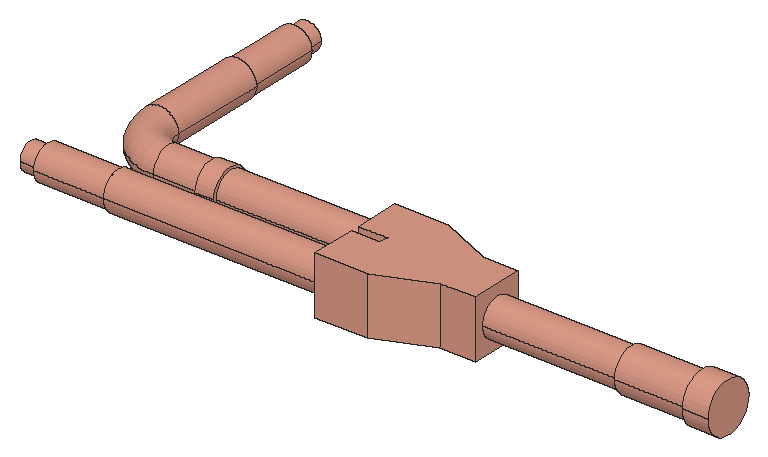
Revit family "outputfile", category 配管付属品, Revit 2024
Family settings
  丸型コネクタ寸法 = 半径を使用
  パーツ タイプ = 標準
  OmniClass 番号 = 23.65.55.00
  OmniClass タイトル = Distribution of Supplied Liquids/Gases
  作業面ベース = いいえ
  常に垂直 = はい
  ロード時にボイドで切り取り = いいえ
  共有 = いいえ
Parameters (values of type "BHFP26P136_(2)")
  Description = ""
  製造元 = "Daikin"
  書き出し IFC クラス(タイプ) = "IfcPipeFittingType"
  Default Elevation = 0.0 mm
  定義済み IFC タイプ(タイプ) = "JUNCTION"
  Cost = 0
  モデル = "BHFP26P136_(2)"
  Type Comments = ""
  Keynote = ""
  Type Image = (empty or 0)
  Assembly Code = ""
  table_PipeToCU_B [instance] = if(mm⇔inch, "Multi Module Kit_BHFP26P-_Liquid_PipeToCU_B", "Multi Module Kit_BHFP26P-_Liquid_PipeToCU_B_inch")  # "Multi Module Kit_BHFP26P-_Liquid_PipeToCU_B"
  table_PipeToCU_A [instance] = if(mm⇔inch, "Multi Module Kit_BHFP26P-_Liquid_PipeToCU_A", "Multi Module Kit_BHFP26P-_Liquid_PipeToCU_A_inch")  # "Multi Module Kit_BHFP26P-_Liquid_PipeToCU_A"
  table_ToMainPipe [instance] = if(mm⇔inch, "Multi Module Kit_BHFP26P-_Liquid_ToMainPipe", "Multi Module Kit_BHFP26P-_Liquid_ToMainPipe_inch")  # "Multi Module Kit_BHFP26P-_Liquid_ToMainPipe"
  switch_ToMainPipe3 [instance] = if(number_ToMainPipe < 3, 1 = 0, 1 = 1)  # no
  switch_PipeToCU_B Reducer [instance] = if(and(Is_PipeToCU_B Reducer = 1, judge_IsOffsetPipe_ToOutdoorUnitB = 0), 1 = 1, 1 = 0)  # no
  switch_PipeToCU_B4 [instance] = if(number_PipeToCU_B < 4, 1 = 0, 1 = 1)  # no
  switch_PipeToCU_B3 [instance] = if(number_PipeToCU_B < 3, 1 = 0, 1 = 1)  # no
  switch_PipeToCU_B2 [instance] = if(number_PipeToCU_B < 2, 1 = 0, 1 = 1)  # yes
  switch_PipeToCU_A Reducer [instance] = if(Is_PipeToCU_A Reducer = 1, 1 = 1, 1 = 0)  # yes
  switch_ToMainPipe Reducer [instance] = if(Is_ToMainPipe Reducer = 1, 1 = 1, 1 = 0)  # no
  switch_ToMainPipe2 [instance] = if(number_ToMainPipe < 2, 1 = 0, 1 = 1)  # yes
  r_PipeToCU_B_ActualDiameter [instance] = PipeToCU_B_Liquid_ActualDiameter / 2  # 4.75 mm
  r_PipeToCU_A_ActualDiameter [instance] = PipeToCU_A_Liquid_ActualDiameter / 2  # 4.75 mm
  r_ToMainPipe_ActualDiameter [instance] = ToMainPipe_Liquid_ActualDiameter / 2  # 9.55 mm
  number_PipeToCU_B ReducerPipe [instance] = size_lookup(table_PipeToCU_B, "reducerPipeNumber", 0, モデル, judge_IsOffsetPipe_ToOutdoorUnitB, PipeToCU_B_Liquid_ActualDiameter)  # 0
  number_PipeToCU_B [instance] = size_lookup(table_PipeToCU_B, "pipeNumber", 2, モデル, judge_IsOffsetPipe_ToOutdoorUnitB, PipeToCU_B_Liquid_ActualDiameter)  # 2
  number_PipeToCU_A ReducerPipe [instance] = size_lookup(table_PipeToCU_A, "reducerPipeNumber", 3, モデル, PipeToCU_A_Liquid_ActualDiameter)  # 3
  number_ToMainPipe [instance] = size_lookup(table_ToMainPipe, "pipeNumber", 3, モデル, ToMainPipe_Liquid_ActualDiameter)  # 2
  mm⇔inch [instance] = yes
  l_ToMainPipe3 [instance] = size_lookup(table_ToMainPipe, "L_Pipe3", 11.0 mm, モデル)  # 2.0 mm
  judge_IsOffsetPipe_ToOutdoorUnitB [instance] = 0  # constant formula
  Unit Type = "BHFP26P-_Liquid"
  Uniclass2015Version = "Products v1.31"
  Uniclass2015Title = "Copper pipe fittings"
  Uniclass2015Code = "Pr_65_52_63_18"
  URL = ""
  ToMainPipe_Liquid_Status [instance] = size_lookup(table_ToMainPipe, "Information", "The connected pipe size is not available.", モデル, ToMainPipe_Liquid_ActualDiameter)  # "Default connector size is used."
  ToMainPipe_Liquid_ActualDiameter [instance] = 19.1 mm
  Tag No. [instance] = ""
  Series = "Multi Module kit"
  RotateBranchPipetoCU_A_50° [instance] = no
  PipeToCU_B_Liquid_Status [instance] = size_lookup(table_PipeToCU_B, "Information", "The connected pipe size is not available.", モデル, judge_IsOffsetPipe_ToOutdoorUnitB, PipeToCU_B_Liquid_ActualDiameter)  # "Default connector size is used."
  PipeToCU_B_Liquid_ActualDiameter [instance] = 9.5 mm
  PipeToCU_A_Liquid_Status [instance] = size_lookup(table_PipeToCU_A, "Information", "The connected pipe size is not available.", モデル, PipeToCU_A_Liquid_ActualDiameter)  # "Reducer is used at connector."
  PipeToCU_A_Liquid_ActualDiameter [instance] = 9.5 mm
  Material_Piping = DAIKIN_Copper_Pipe
  Material_Insulation = DAIKIN_White_Insulation
  location_PipeToCU_A connector [instance] = size_lookup(table_PipeToCU_A, "Locationconnector", 107.0 mm, モデル, PipeToCU_A_Liquid_ActualDiameter)  # 107.0 mm
  l_PipeToCU_B connector [instance] = size_lookup(table_PipeToCU_B, "Length", 128.0 mm, モデル, judge_IsOffsetPipe_ToOutdoorUnitB, PipeToCU_B_Liquid_ActualDiameter)  # 128.0 mm
  l_PipeToCU_B Reducer [instance] = 100.0 mm  # constant formula
  l_PipeToCU_B4 [instance] = size_lookup(table_PipeToCU_B, "L_Pipe4", 2.0 mm, モデル)  # 2.0 mm
  l_PipeToCU_B3 [instance] = size_lookup(table_PipeToCU_B, "L_Pipe3", 2.0 mm, モデル)  # 2.0 mm
  l_PipeToCU_B2 [instance] = size_lookup(table_PipeToCU_B, "L_Pipe2", 7.0 mm, モデル)  # 7.0 mm
  l_PipeToCU_B1 [instance] = size_lookup(table_PipeToCU_B, "L_Pipe1", 30.0 mm, モデル)  # 30.0 mm
  l_PipeToCU_B0 [instance] = size_lookup(table_PipeToCU_B, "L_Pipe0", 91.0 mm, モデル)  # 91.0 mm
  l_PipeToCU_A connector [instance] = size_lookup(table_PipeToCU_A, "Length", 97.0 mm, モデル, PipeToCU_A_Liquid_ActualDiameter)  # 97.0 mm
  l_PipeToCU_A1 [instance] = size_lookup(table_PipeToCU_A, "L_Pipe1", 8.0 mm, モデル)  # 8.0 mm
  l_PipeToCU_A0 [instance] = size_lookup(table_PipeToCU_A, "L_Pipe0", 62.0 mm, モデル)  # 62.0 mm
  l_ToMainPipe connector [instance] = size_lookup(table_ToMainPipe, "Length", 128.0 mm, モデル, ToMainPipe_Liquid_ActualDiameter)  # 98.0 mm
  l_ToMainPipe Reducer [instance] = size_lookup(table_ToMainPipe, "L_Reducer", 2.0 mm, モデル, ToMainPipe_Liquid_ActualDiameter)  # 2.0 mm
  l_ToMainPipe2 [instance] = size_lookup(table_ToMainPipe, "L_Pipe2", 30.0 mm, モデル)  # 11.0 mm
  l_ToMainPipe1 [instance] = size_lookup(table_ToMainPipe, "L_Pipe1", 30.0 mm, モデル)  # 30.0 mm
  l_ToMainPipe0 [instance] = size_lookup(table_ToMainPipe, "L_Pipe0", 57.0 mm, モデル)  # 57.0 mm
  judge_JointType(1or2) = 2
  count_PipeToCU_B Reducer [instance] = 0  # constant formula
  count_PipeToCU_A Reducer [instance] = size_lookup(table_PipeToCU_A, "reducerCount", 1, モデル, PipeToCU_A_Liquid_ActualDiameter)  # 1
  angle_PipeToCU_A Pipe [instance] = if(RotateBranchPipetoCU_A_90°, 90.00°, if(RotateBranchPipetoCU_A_50°, 50.00°, 0.00°))  # 0.00°
  angle_PipeToCU_A Connector [instance] = angle_PipeToCU_A Pipe + 90.00°  # 90.00°
  PipeToCU_B_Liquid_AvailableDiameter [instance] = size_lookup(table_PipeToCU_B, "sizeVariation", "", モデル, judge_IsOffsetPipe_ToOutdoorUnitB)  # "9.5/12.7mm"
  PipeToCU_A_Liquid_AvailableDiameter [instance] = size_lookup(table_PipeToCU_A, "sizeVariation", "", モデル)  # "9.5/12.7/15.9mm"
  ToMainPipe_Liquid_AvailableDiameter [instance] = size_lookup(table_ToMainPipe, "sizeVariation", "", モデル)  # "15.9/19.1mm"
  RotateBranchPipetoCU_A_90° [instance] = no
  O.D_ToMainPipe Reducer [instance] = size_lookup(table_ToMainPipe, "O.D_reducer", 2.0 mm, モデル, ToMainPipe_Liquid_ActualDiameter)  # 2.0 mm
  Link_Nested Family [instance] = ""
  Is_PipeToCU_B Reducer [instance] = size_lookup(table_PipeToCU_B, "IsReducer", 0, モデル, judge_IsOffsetPipe_ToOutdoorUnitB, PipeToCU_B_Liquid_ActualDiameter)  # 0
  Is_PipeToCU_A Reducer [instance] = size_lookup(table_PipeToCU_A, "IsReducer", 1, モデル, PipeToCU_A_Liquid_ActualDiameter)  # 1
  Is_ToMainPipe Reducer [instance] = size_lookup(table_ToMainPipe, "IsReducer", 0, モデル, ToMainPipe_Liquid_ActualDiameter)  # 0
  IfcVersion = ""
  IfcExportType = "JUNCTION"
  IfcExportAs = "IfcPipeFittingType"
  I.D_ToMainPipe3 [instance] = size_lookup(table_ToMainPipe, "I.D_PipeSize3", 22.2 mm, モデル)  # 2.0 mm
  Attach_Insulation [instance] = no
  I.D_PipeToCU_B4 [instance] = size_lookup(table_PipeToCU_B, "I.D_PipeSize4", 2.0 mm, モデル)  # 2.0 mm
  I.D_PipeToCU_B3 [instance] = size_lookup(table_PipeToCU_B, "I.D_PipeSize3", 2.0 mm, モデル)  # 2.0 mm
  I.D_PipeToCU_B2 [instance] = size_lookup(table_PipeToCU_B, "I.D_PipeSize2", 9.5 mm, モデル)  # 9.5 mm
  I.D_PipeToCU_B1 [instance] = size_lookup(table_PipeToCU_B, "I.D_PipeSize1", 12.7 mm, モデル)  # 12.7 mm
  I.D_PipeToCU_B0 [instance] = size_lookup(table_PipeToCU_B, "I.D_PipeSize0", 13.9 mm, モデル)  # 13.9 mm
  I.D_PipeToCU_A1 [instance] = 15.5 mm  # constant formula
  I.D_PipeToCU_A0 [instance] = 13.9 mm  # constant formula
  I.D_ToMainPipe Reducer [instance] = size_lookup(table_ToMainPipe, "I.D_reducer", 2.0 mm, モデル, ToMainPipe_Liquid_ActualDiameter)  # 2.0 mm
  I.D_ToMainPipe2 [instance] = size_lookup(table_ToMainPipe, "I.D_PipeSize2", 19.1 mm, モデル)  # 19.1 mm
  I.D_ToMainPipe1 [instance] = size_lookup(table_ToMainPipe, "I.D_PipeSize1", 15.9 mm, モデル)  # 15.9 mm
  I.D_ToMainPipe0 [instance] = size_lookup(table_ToMainPipe, "I.D_PipeSize0", 13.9 mm, モデル)  # 13.9 mm
Reference planes
  plane 1 "Center (Front/Back)": y = 0
  plane 2: z = 0
  plane 3 "pipe2": x = 225.65
  plane 4: x = 214.65
  plane 5: x = 184.65
  plane 6: x = 127.65
  plane 7: x = 67.65
  plane 8: x = -2.35
  plane 9: x = -23.35
  plane 10: x = -53.35
  plane 11: x = -60.35
  plane 12: x = -62.35
  plane 13: x = -64.35
  plane 14 "offset_center": y = 11.5
  plane 15: y = -11.5
  plane 16: x = 5.65
  plane 17: x = 177.65
  plane 18 "ToMainPipe_connector": x = 225.65
  plane 19 "connector_OutdoorunitA": x = -39.35
  plane 20 "connector_ToOutdoorUnitB": x = -104.35
  plane 21 "pipe3": x = 227.65
Forms (mm)
  Extrusion 1, solid, material "DAIKIN_Copper_Pipe" <- "Material_Piping"
    sketch origin (0, 0, 0) x (1, 0, 0) y (0, 1, 0)
      loop
        line (67.65, 1.998) -> (79.65, 1.998) -> (79.65, -1.998) -> (67.65, -1.998) -> (67.65, -21.2) -> (89.801, -21.2) -> (112.65, -11.3) -> (127.65, -11.3) -> (127.65, 11.3) -> (112.65, 11.3) -> (89.801, 21.2) -> (67.65, 21.2) -> (67.65, 1.998)
    from -12.2 to 12.2
Dimensions and locks
  locked: plane 6 to plane 17 at 50
  "l_PipeToCU_A1": plane 8 to plane 16
  "l_PipeToCU_B1": plane 10 to plane 9
  "l_PipeToCU_B2": plane 11 to plane 10
  "l_PipeToCU_B3": plane 12 to plane 11
  "l_PipeToCU_B4": plane 13 to plane 12
  locked: plane 7 to plane 6 at 60
  "l_ToMainPipe1": plane 5 to plane 4
  "l_ToMainPipe2": plane 4 to plane 3 "pipe2"
  "l_ToMainPipe0": plane 6 to plane 5
  "l_ToMainPipe connector": plane 6 to plane 18 "ToMainPipe_connector"
  plane 14 "offset_center" to plane 1 "Center (Front/Back)" to plane 15 = 11.5 mm locked, 11.5 mm locked
  locked: plane 1 "Center (Front/Back)" to Extrusion 1 sketch curve at 11.3  (x2)
  locked: Extrusion 1 sketch curve to plane 1 "Center (Front/Back)" at 21.2
  locked: plane 1 "Center (Front/Back)" to Extrusion 1 sketch curve at 21.2
  "l_PipeToCU_A0": plane 16 to plane 7
  "location_PipeToCU_A connector": plane 19 "connector_OutdoorunitA" to plane 7
  "l_PipeToCU_B0": plane 9 to plane 7
  "l_ToMainPipe3": plane 3 "pipe2" to plane 21 "pipe3"
  aligned and locked: level to plane 2
  aligned and locked: plane 2 to nested 1
  aligned and locked: plane 1 "Center (Front/Back)" to nested 1
  aligned and locked: plane 3 "pipe2" to nested 1
  aligned and locked: plane 4 to nested 1
  aligned and locked: plane 4 to nested 2
  aligned and locked: plane 5 to nested 2
  aligned and locked: plane 5 to nested 3
  aligned and locked: plane 6 to nested 3
  aligned and locked: plane 6 to Extrusion 1
  aligned and locked: Extrusion 1 to plane 7  (x2)
  aligned and locked: plane 7 to nested 4
  aligned and locked: plane 8 to nested 5
  aligned and locked: plane 16 to nested 5
  aligned and locked: nested 5 to plane 14 "offset_center"
  aligned and locked: nested 6 to plane 15
  aligned and locked: plane 7 to nested 6
  aligned and locked: plane 9 to nested 6
  aligned and locked: plane 10 to nested 7
  aligned and locked: plane 9 to nested 7
  aligned and locked: plane 11 to nested 8
  aligned and locked: plane 10 to nested 8
  aligned and locked: plane 12 to nested 9
  aligned and locked: plane 11 to nested 9
  aligned and locked: plane 13 to nested 10
  aligned and locked: plane 12 to nested 10
  aligned and locked: nested 10 to plane 15
  aligned and locked: nested 9 to plane 15
  aligned and locked: nested 8 to plane 15
  aligned and locked: nested 7 to plane 15
  aligned and locked: plane 1 "Center (Front/Back)" to nested 11
  aligned and locked: plane 17 to nested 11
  aligned and locked: plane 16 to nested 4
  aligned and locked: nested 12 to plane 14 "offset_center"
  aligned and locked: plane 8 to nested 12
  aligned and locked: plane 1 "Center (Front/Back)" to nested 13
  aligned and locked: plane 18 "ToMainPipe_connector" to nested 13
  aligned and locked: plane 6 to nested 14
  aligned and locked: plane 1 "Center (Front/Back)" to nested 3
  aligned and locked: plane 14 "offset_center" to nested 15
  aligned and locked: nested 15 to plane 19 "connector_OutdoorunitA"
  aligned and locked: nested 16 to plane 7
  aligned and locked: nested 4 to plane 14 "offset_center"
  aligned and locked: plane 3 "pipe2" to nested 17
  aligned and locked: plane 21 "pipe3" to nested 17
  aligned and locked: nested 16 to plane 15
Automatic sketch dimensions
  Extrusion 1 sketch curve to plane 7 = 0.0 mm  (x2)
  Extrusion 1 sketch curve to plane 6 = 0.0 mm
  Extrusion 1 sketch curve to plane 1 "Center (Front/Back)" = 1.998 mm
  plane 7 to Extrusion 1 sketch curve = 12.0 mm
  Extrusion 1 sketch curve to Extrusion 1 sketch curve = 10.151 mm  (x2)
  Extrusion 1 sketch curve to Extrusion 1 sketch curve = 15.0 mm  (x2)
  plane 1 "Center (Front/Back)" to Extrusion 1 sketch curve = 1.998 mm
Nested families
  nested 1: "daikin_Pipe" at (220.15, 0, 0), I.D_Pipe <- "I.D_ToMainPipe2", display <- "switch_ToMainPipe2", type "*"
    with length_Pipe 11.0 mm, display yes, O.D_Pipe 21.1 mm, I.D_Pipe 19.1 mm
  nested 2: "daikin_Pipe" at (199.65, 0, 0), I.D_Pipe <- "I.D_ToMainPipe1", type "*"
    with length_Pipe 30.0 mm, display yes, O.D_Pipe 17.9 mm, I.D_Pipe 15.9 mm
  nested 3: "daikin_Pipe" at (156.15, 0, 0), I.D_Pipe <- "I.D_ToMainPipe0", type "*"
    with length_Pipe 57.0 mm, display yes, O.D_Pipe 15.9 mm, I.D_Pipe 13.9 mm
  nested 4: "daikin_Pipe" at (36.65, 11.5, 0), I.D_Pipe <- "I.D_PipeToCU_A0", type "*"
    with length_Pipe 62.0 mm, display yes, O.D_Pipe 15.9 mm, I.D_Pipe 13.9 mm
  nested 5: "daikin_Pipe" at (1.65, 11.5, 0), I.D_Pipe <- "I.D_PipeToCU_A1", type "*"
    with length_Pipe 8.0 mm, display yes, O.D_Pipe 17.5 mm, I.D_Pipe 15.5 mm
  nested 6: "daikin_Pipe" at (22.15, -11.5, 0), I.D_Pipe <- "I.D_PipeToCU_B0", type "*"
    with length_Pipe 91.0 mm, display yes, O.D_Pipe 15.9 mm, I.D_Pipe 13.9 mm
  nested 7: "daikin_Pipe" at (-38.35, -11.5, 0), I.D_Pipe <- "I.D_PipeToCU_B1", type "*"
    with length_Pipe 30.0 mm, display yes, O.D_Pipe 14.7 mm, I.D_Pipe 12.7 mm
  nested 8: "daikin_Pipe" at (-56.85, -11.5, 0), I.D_Pipe <- "I.D_PipeToCU_B2", display <- "switch_PipeToCU_B2", type "*"
    with length_Pipe 7.0 mm, display yes, O.D_Pipe 11.5 mm, I.D_Pipe 9.5 mm
  nested 9: "daikin_Pipe" at (-61.35, -11.5, 0), display <- "switch_PipeToCU_B3", I.D_Pipe <- "I.D_PipeToCU_B3", visible <- "switch_PipeToCU_B3", type "*"
    with length_Pipe 2.0 mm, display no, O.D_Pipe 4.0 mm, I.D_Pipe 2.0 mm
  nested 10: "daikin_Pipe" at (-63.35, -11.5, 0), display <- "switch_PipeToCU_B4", I.D_Pipe <- "I.D_PipeToCU_B4", visible <- "switch_PipeToCU_B4", type "*"
    with length_Pipe 2.0 mm, display no, O.D_Pipe 4.0 mm, I.D_Pipe 2.0 mm
  nested 11: "daikin_MultiModeluKit_Insulation" at (177.65, 0, 0), display <- "Attach_Insulation", type "*"
    with h 54.2 mm, display no, I.D_Outlet PipeSize 22.2 mm
  nested 12: "daikin_Multi Module kit_Reducer90_rotate" at (-2.35, 11.5, 0), number_reducerPipe <- "number_PipeToCU_A ReducerPipe", angle_Pipe <- "angle_PipeToCU_A Pipe", type "*"
    with number_reducerPipe 3, display_Pipe2 yes, display_Pipe1 yes, angle_Pipe 0.00°
  nested 13: "daikin_Pipe_reducer" at (224.65, 0, 0), I.D_Pipe1 <- "I.D_ToMainPipe Reducer", O.D_Pipe2 <- "O.D_ToMainPipe Reducer", length_Pipe <- "l_ToMainPipe Reducer", display <- "switch_ToMainPipe Reducer", type "*"
    with length_Pipe 2.0 mm, display no, O.D_Pipe2 2.0 mm, O.D_Pipe1 4.0 mm, I.D_Pipe2 0.0 mm, I.D_Pipe1 2.0 mm
  nested 14: "daikin_connector_rotate3" at (127.65, 0, 0) x (0, 1, 0) z (0, 0, 1), length <- "l_ToMainPipe connector", type "daikin_connector_rotate3"
    with radius 10.0 mm, length 98.0 mm, angle_vertical 90.00°, angle_horizontal 0.00°
  nested 15: "daikin_connector_rotate3" at (-39.35, 11.5, 0) x (-1, 0, 0) z (0, 0, 1), length <- "l_PipeToCU_A connector", angle_vertical <- "angle_PipeToCU_A Connector", type "daikin_connector_rotate3"
    with radius 10.0 mm, length 97.0 mm, angle_vertical 90.00°, angle_horizontal 0.00°
  nested 16: "daikin_connector_rotate3" at (67.65, -11.5, 0) x (0, -1, 0) z (0, 0, 1), length <- "l_PipeToCU_B connector", type "daikin_connector_rotate3"
    with radius 10.0 mm, length 128.0 mm, angle_vertical 90.00°, angle_horizontal 0.00°
  nested 17: "daikin_Pipe" at (226.65, 0, 0), display <- "switch_ToMainPipe3", I.D_Pipe <- "I.D_ToMainPipe3", type "*"
    with length_Pipe 2.0 mm, display no, O.D_Pipe 4.0 mm, I.D_Pipe 2.0 mm
Connectors
  piping at (225.65, 0, 0), diameter 19.1, driven by "r_ToMainPipe_ActualDiameter"
    settings: on nested 14, index 1, connector inside diameter 609.6 mm, connector length 0.0 mm, flow factor 0, pipe flow 0.00 m³/h, pressure drop 0.0 Pa, fitting loss kfactor 0, connector angle 0.00°, fixture units 0, engagement length 0.0 mm, angle of deflection 0.00°, flow configuration 0, flow direction 2, fitting loss method 0, system type 29, joint type 0, gender type 0, connector reference index -1, connector utility 0, adjustable connector no, is connector primary yes, connector description "Multi Module kit_to Main Pipe_Liquid"
  piping at (-39.35, 108.5, 0), diameter 9.5, driven by "r_PipeToCU_A_ActualDiameter"
    settings: on nested 15, index 2, connector inside diameter 609.6 mm, connector length 0.0 mm, flow factor 0, pipe flow 0.00 m³/h, pressure drop 0.0 Pa, fitting loss kfactor 0, connector angle 0.00°, fixture units 0, engagement length 0.0 mm, angle of deflection 0.00°, flow configuration 0, flow direction 1, fitting loss method 0, system type 29, joint type 0, gender type 0, connector reference index -1, connector utility 0, adjustable connector no, is connector primary no, connector description "Multi Module kit_Piping to CU-A_Liquid"
  piping at (-60.35, -11.5, 0), diameter 9.5, driven by "r_PipeToCU_B_ActualDiameter"
    settings: on nested 16, index 3, connector inside diameter 609.6 mm, connector length 0.0 mm, flow factor 0, pipe flow 0.00 m³/h, pressure drop 0.0 Pa, fitting loss kfactor 0, connector angle 0.00°, fixture units 0, engagement length 0.0 mm, angle of deflection 0.00°, flow configuration 0, flow direction 1, fitting loss method 0, system type 29, joint type 0, gender type 0, connector reference index -1, connector utility 0, adjustable connector no, is connector primary no, connector description "Multi Module kit_Piping to CU-B_Liquid"
Definition of nested family "daikin_Pipe"
  Parameters (values of type "*")
    Default Elevation = 0.0 mm
    material = none
    length_Pipe [instance] = 150.0 mm
    display [instance] = yes
    O.D_Pipe [instance] = I.D_Pipe + 2.0 mm  # 27.0 mm
    I.D_Pipe [instance] = 25.0 mm
  Reference planes
    plane 1 "Center (Front/Back)": y = 0
    plane 2 "center(vertical)": z = 0
    plane 3 "Center (Left/Right)": x = 0
    plane 4 "left": x = -75
    plane 5 "right": x = 75
  Forms (mm)
    Extrusion 1, solid, material <- "material", visible <- "display"
      sketch origin (0, 0, 0) x (0, 1, 0) y (0, 0, 1)
        loop
          circle (0, 0) r 13.5
      from -75 to 75
  Dimensions and locks
    equal spacing: plane 4 "left", plane 3 "Center (Left/Right)", plane 5 "right"
    "length_Pipe": plane 4 "left" to plane 5 "right"
    "O.D_Pipe": diameter of Extrusion 1 sketch curve
    aligned and locked: level to plane 2 "center(vertical)"
    aligned and locked: plane 2 "center(vertical)" to Extrusion 1 sketch curve
    aligned and locked: plane 1 "Center (Front/Back)" to Extrusion 1 sketch curve
    aligned and locked: plane 5 "right" to Extrusion 1
    aligned and locked: Extrusion 1 to plane 4 "left"
Definition of nested family "daikin_Multi Module kit_Reducer90_rotate"
  Parameters (values of type "*")
    Default Elevation = 0.0 mm
    number_reducerPipe [instance] = 4
    material_Pipe = none
    display_Pipe2 [instance] = if(number_reducerPipe < 3, 1 = 0, 1 = 1)  # yes
    display_Pipe1 [instance] = if(number_reducerPipe < 2, 1 = 0, 1 = 1)  # yes
    angle_Pipe [instance] = 30.00°
  Reference planes
    plane 1 "Center (Front/Back)": y = 0
    plane 2: z = 0
    plane 3 "Center (Left/Right)": x = 0
  Dimensions and locks
    "angle_Pipe": angle plane 2 to nested 1
    aligned and locked: level to plane 2
  Nested families
    nested 1: "daikin_Multi Module kit_Reducer90" at (0, 0, 0) x (1, 0, 0) z (0, -0.5, 0.866), display_Pipe2 <- "display_Pipe2", display_Pipe1 <- "display_Pipe1", type "*"
      with display_Pipe2 yes, display_Pipe1 yes, I.D_connector 34.9 mm
  Definition of nested family "daikin_Multi Module kit_Reducer90"
    Parameters (values of type "*")
      Default Elevation = 0.0 mm
      material_Pipe = none
      display_Pipe2 [instance] = yes
      display_Pipe1 [instance] = yes
      O.D_Pipe2 = 9.5 mm + 2.0 mm  # 11.5 mm
      O.D_Pipe1 = 12.7 mm + 2.0 mm  # 14.7 mm
      O.D_Pipe0 = 15.9 mm  # constant formula
      I.D_connector [instance] = 0.0 mm
    Reference planes
      plane 1 "Center (Front/Back)": y = 0
      plane 2 "center_vertical": z = 0
      plane 3 "Center (Left/Right)": x = 0
      plane 4 "center_toOutdoor": x = -37
      plane 5: y = 60
      plane 6: y = 90
      plane 7: y = 97
    Forms (mm)
      Sweep 1, solid, material <- "material_Pipe"
        path origin (0, 0, 0) x (1, 0, 0) y (0, 1, 0)
          loop
            line (0, 0) -> (-18.241, 0)
            arc (-18.241, 0) -> (-31.506, 5.494) -> (-37, 18.759) r 18.759
            line (-37, 18.759) -> (-37, 60)
        profile origin (-9.12, 0, 0) x (0, -1, 0) y (0, 0, 1)
          loop
            circle (0, 0) r 7.95
      Extrusion 2, solid, material <- "material_Pipe", visible <- "display_Pipe1"
        sketch origin (0, 0, 0) x (1, 0, 0) y (0, 0, 1)
          loop
            circle (-37, 0) r 7.35
        from -90 to -60
      Extrusion 3, solid, material <- "material_Pipe", visible <- "display_Pipe2"
        sketch origin (75, -2.05, 0) x (1, 0, 0) y (0, 0, 1)
          loop
            circle (-112, 0) r 5.75
        from -99.05 to -92.05
    Lines and regions (mm)
      reference lines
        curve 1: line (0, 0, 0) -> (-37, 0, 0)
    Dimensions and locks
      plane 1 "Center (Front/Back)" to plane 5 = 60.0 mm
      plane 6 to plane 5 = 30.0 mm
      plane 7 to plane 6 = 7.0 mm
      plane 4 "center_toOutdoor" to plane 3 "Center (Left/Right)" = 37.0 mm
      "O.D_Pipe2": diameter of Extrusion 3 sketch curve
      "O.D_Pipe0": diameter of Sweep 1 sketch curve
      "O.D_Pipe1": diameter of Extrusion 2 sketch curve
      aligned and locked: level to plane 2 "center_vertical"
      aligned and locked: plane 6 to Extrusion 2
      aligned and locked: Extrusion 2 to plane 5
      aligned and locked: Extrusion 3 to plane 6
      aligned and locked: Sweep 1 sketch curve to plane 1 "Center (Front/Back)"
      aligned and locked: plane 3 "Center (Left/Right)" to curve 1
      aligned and locked: curve 1 to plane 1 "Center (Front/Back)"
      aligned and locked: plane 7 to Extrusion 3
    Automatic sketch dimensions
      Sweep 1 sketch curve to plane 4 "center_toOutdoor" = 0.0 mm
      Sweep 1 sketch curve to plane 3 "Center (Left/Right)" = 0.0 mm
      Sweep 1 sketch curve to plane 5 = 0.0 mm
      Sweep 1 sketch curve to plane 3 "Center (Left/Right)" = 18.241 mm
      curve 1 to plane 4 "center_toOutdoor" = 0.0 mm
      Sweep 1 sketch curve to level = 0.0 mm
      Sweep 1 sketch curve to profile plane = 0.0 mm
      Extrusion 2 sketch curve to level = 0.0 mm
      Extrusion 2 sketch curve to plane 4 "center_toOutdoor" = 0.0 mm
      Extrusion 3 sketch curve to level = 0.0 mm
      Extrusion 3 sketch curve to plane 4 "center_toOutdoor" = 0.0 mm
Definition of nested family "daikin_MultiModeluKit_Insulation"
  Parameters (values of type "*")
    Default Elevation = 0.0 mm
    Model = ""
    material = none
    h [instance] = (I.D_Outlet PipeSize + 2.0 mm) + 30.0 mm  # 47.0 mm
    display [instance] = yes
    I.D_Outlet PipeSize [instance] = 15.0 mm
  Reference planes
    plane 1 "Center (Front/Back)": y = 0
    plane 2: z = 0
    plane 3 "Left": x = 0
    plane 4 "top": z = 23.5
    plane 5 "bottom": z = -23.5
  Forms (mm)
    Extrusion 1, solid, material <- "material", visible <- "display"
      sketch origin (0, 0, 0) x (1, 0, 0) y (0, 1, 0)
        loop
          line (0, -22.3) -> (0, 22.3) -> (-101, 45.79) -> (-187, 45.79) -> (-187, 6.128) -> (-257, 10) -> (-257, -45.79) -> (-101, -45.79) -> (0, -22.3)
      from -23.5 to 23.5
  Dimensions and locks
    equal spacing: plane 4 "top", plane 2, plane 5 "bottom"
    "h": plane 4 "top" to plane 5 "bottom"
    equal spacing: Extrusion 1 sketch curve, plane 1 "Center (Front/Back)", Extrusion 1 sketch curve
    locked: Extrusion 1 sketch curve to plane 3 "Left" at 101  (x2)
    locked: Extrusion 1 sketch curve to plane 3 "Left" at 187
    locked: Extrusion 1 sketch curve to plane 3 "Left" at 257
    aligned and locked: level to plane 2
    aligned and locked: plane 3 "Left" to Extrusion 1
    aligned and locked: Extrusion 1 to plane 5 "bottom"
    aligned and locked: plane 4 "top" to Extrusion 1
  Automatic sketch dimensions
    Extrusion 1 sketch curve to plane 3 "Left" = 0.0 mm
    plane 1 "Center (Front/Back)" to Extrusion 1 sketch curve = 45.79 mm
    plane 1 "Center (Front/Back)" to Extrusion 1 sketch curve = 22.3 mm
    Extrusion 1 sketch curve to plane 1 "Center (Front/Back)" = 45.79 mm
    Extrusion 1 sketch curve to plane 1 "Center (Front/Back)" = 10.0 mm
    Extrusion 1 sketch curve to plane 1 "Center (Front/Back)" = 6.128 mm
Definition of nested family "daikin_Pipe_reducer"
  Parameters (values of type "*")
    Default Elevation = 0.0 mm
    material = none
    length_Pipe [instance] = 250.0 mm
    display [instance] = yes
    O.D_Pipe2 [instance] = 19.1 mm
    O.D_Pipe1 [instance] = I.D_Pipe1 + 2.0 mm  # 24.2 mm
    I.D_Pipe2 [instance] = O.D_Pipe2 - 2.0 mm  # 17.1 mm
    I.D_Pipe1 [instance] = 22.2 mm
  Reference planes
    plane 1 "Center (Front/Back)": y = 0
    plane 2 "center(vertical)": z = 0
    plane 3 "Center (Left/Right)": x = 0
    plane 4 "connection": x = -125
    plane 5 "right": x = 113
    plane 6: x = 125
  Forms (mm)
    Extrusion 1, solid, material <- "material", visible <- "display"
      sketch origin (0, 0, 0) x (0, 1, 0) y (0, 0, 1)
        loop
          circle (0, 0) r 9.55
      from -125 to 113
    Extrusion 2, solid, material <- "material", visible <- "display"
      sketch origin (0, 0, 0) x (0, 1, 0) y (0, 0, 1)
        loop
          circle (0, 0) r 12.1
      from 113 to 125
  Dimensions and locks
    locked: plane 5 "right" to plane 6 at 12
    "length_Pipe": plane 4 "connection" to plane 6
    equal spacing: plane 4 "connection", plane 3 "Center (Left/Right)", plane 6
    "O.D_Pipe2": diameter of Extrusion 1 sketch curve
    "O.D_Pipe1": diameter of Extrusion 2 sketch curve
    aligned and locked: level to plane 2 "center(vertical)"
    aligned and locked: plane 2 "center(vertical)" to Extrusion 1 sketch curve
    aligned and locked: plane 1 "Center (Front/Back)" to Extrusion 1 sketch curve
    aligned and locked: plane 5 "right" to Extrusion 1
    aligned and locked: Extrusion 1 to plane 4 "connection"
    aligned and locked: plane 2 "center(vertical)" to Extrusion 2 sketch curve
    aligned and locked: plane 1 "Center (Front/Back)" to Extrusion 2 sketch curve
    aligned and locked: Extrusion 2 to plane 5 "right"
    aligned and locked: plane 6 to Extrusion 2
Definition of nested family "daikin_connector_rotate3"
  Parameters (values of type "daikin_connector_rotate3")
    Default Elevation = 1219.2 mm
    show_face = no
    show_circle = no
    radius [instance] = 10.0 mm
    length [instance] = 600.0 mm
    angle_horizontal [instance] = 60.00°
    angle_vertical [instance] = 90.00°
  Reference planes
    plane 1 "Center (Front/Back)": y = 0
    plane 2: z = 0
    plane 3 "Center (Left/Right)": x = 0
  Dimensions and locks
    "angle_horizontal": angle plane 3 "Center (Left/Right)" to nested 1
    aligned and locked: level to plane 2
    aligned and locked: plane 1 "Center (Front/Back)" to nested 1  (x2)
    aligned and locked: plane 3 "Center (Left/Right)" to nested 1
  Nested families
    nested 1: "daikin_connector_rotate2" at (0, 0, 0) x (0.5, 0.866, 0) z (0, 0, 1), angle_vertical <- "angle_vertical", length <- "length", radius <- "radius", type "daikin_connector_rotate2"
      with radius 10.0 mm, length 600.0 mm, angle_vertical 90.00°, Default Elevation 0.0 mm, show_circle no
  Definition of nested family "daikin_connector_rotate2"
    Parameters (values of type "daikin_connector_rotate2")
      Default Elevation = 1219.2 mm
      show_face = no
      show_circle = yes
      radius [instance] = 10.0 mm
      length [instance] = 600.0 mm
      d_surface = 10.0 mm
      angle_vertical [instance] = 90.00°
    Reference planes
      plane 1 "Center (Front/Back)": y = 0
      plane 2: z = 0
      plane 3 "Center (Left/Right)": x = 0
    Forms (mm)
      Extrusion 1, solid, visible <- "show_face"
        sketch origin (0, -600, 0) x (1, 0, 0) y (0, 0, 1)
          loop
            circle (0, 0) r 10
        from 0 to -10
    Lines and regions (mm)
      reference lines
        curve 1: line (0, 0, 0) -> (0, -600, 0)
      symbolic lines, visible <- "show_circle"
        curve 2: circle (0, 0, 0) r 5 normal (0, 0, 1)
      model lines, visible <- "show_face"
        curve 3: line (0, 0, 0) -> (0, -600, 0)
    Dimensions and locks
      "length": curve 1 to curve 1
      "length": curve 3 to curve 3
      "d_surface": Extrusion 1 to Extrusion 1
      "radius": radius of Extrusion 1 sketch curve
      "angle_vertical": angle curve 1 to plane 1 "Center (Front/Back)"
      "angle_vertical": angle curve 3 to plane 1 "Center (Front/Back)"
      aligned and locked: level to plane 2
      aligned and locked: plane 1 "Center (Front/Back)" to curve 1
      aligned and locked: plane 2 to curve 1
      aligned and locked: plane 1 "Center (Front/Back)" to curve 2
      aligned and locked: plane 3 "Center (Left/Right)" to curve 2
      aligned and locked: plane 1 "Center (Front/Back)" to curve 3
      aligned and locked: plane 2 to curve 3
      aligned and locked: Extrusion 1 to Extrusion 1
    Automatic sketch dimensions
      Extrusion 1 sketch curve to level = 0.0 mm
      Extrusion 1 sketch curve to plane 3 "Center (Left/Right)" = 0.0 mm
      radius of curve 2 = 5.0 mm
